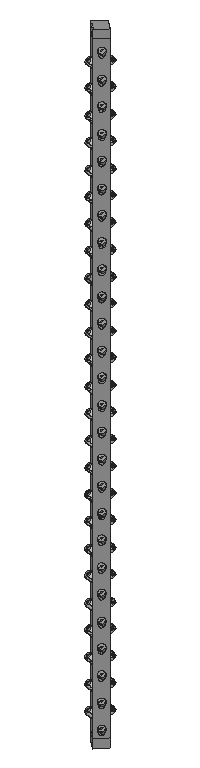
Revit family "Vertical Farm C", category Columns, Revit 2024 (continued)
Forms (in)
  Extrusion 257, solid, not visible
    sketch origin (3.62025, -0.00182, 168.16682) x (0, -1, 0) y (0.707107, 0, -0.707107)
      loop
        circle (0, 0) r 1.125
    from -0.35396 to -3
  Extrusion 258, void, not visible
    sketch origin (3.62025, -0.00182, 168.16682) x (0, -1, 0) y (0.707107, 0, -0.707107)
      loop
        circle (0, 0) r 1.125
      loop
        circle (0, 0) r 1.09375
    from -0.35396 to -3
  Extrusion 259, solid, material "vert garm", not visible
    sketch origin (3.62025, -0.00182, 176.91682) x (0, -1, 0) y (0.707107, 0, -0.707107)
      loop
        circle (0, 0) r 0.3125
      loop
        circle (0, 0) r 1
    from 0 to -3
  Extrusion 260, solid, not visible
    sketch origin (3.62025, -0.00182, 176.91682) x (0, -1, 0) y (0.707107, 0, -0.707107)
      loop
        circle (0, 0) r 1
      loop
        circle (0, 0) r 1.125
    from -0.35396 to -3
  Extrusion 261, void, not visible
    sketch origin (3.62025, -0.00182, 176.91682) x (0, -1, 0) y (0.707107, 0, -0.707107)
      loop
        circle (0, 0) r 1.125
      loop
        circle (0, 0) r 1.09375
    from -0.35396 to -3
  Extrusion 262, solid, material "vert garm", not visible
    sketch origin (3.62025, -0.00182, 185.41682) x (0, -1, 0) y (0.707107, 0, -0.707107)
      loop
        circle (0, 0) r 0.3125
      loop
        circle (0, 0) r 1
    from 0 to -3
  Extrusion 263, solid, not visible
    sketch origin (3.62025, -0.00182, 185.41682) x (0, -1, 0) y (0.707107, 0, -0.707107)
      loop
        circle (0, 0) r 1
      loop
        circle (0, 0) r 1.125
    from -0.35396 to -3
  Extrusion 264, void, not visible
    sketch origin (3.62025, -0.00182, 185.41682) x (0, -1, 0) y (0.707107, 0, -0.707107)
      loop
        circle (0, 0) r 1.125
      loop
        circle (0, 0) r 1.09375
    from -0.35396 to -3
  Extrusion 265, solid, material "vert garm", not visible
    sketch origin (3.62025, -0.00182, 194.41682) x (0, -1, 0) y (0.707107, 0, -0.707107)
      loop
        circle (0, 0) r 0.3125
      loop
        circle (0, 0) r 1
    from 0 to -3
  Extrusion 266, solid, not visible
    sketch origin (3.62025, -0.00182, 194.41682) x (0, -1, 0) y (0.707107, 0, -0.707107)
      loop
        circle (0, 0) r 1
      loop
        circle (0, 0) r 1.125
    from -0.35396 to -3
  Extrusion 267, void, not visible
    sketch origin (3.62025, -0.00182, 194.41682) x (0, -1, 0) y (0.707107, 0, -0.707107)
      loop
        circle (0, 0) r 1.125
      loop
        circle (0, 0) r 1.09375
    from -0.35396 to -3
  Extrusion 268, solid, material "vert garm", not visible
    sketch origin (3.62025, -0.00182, 211.91682) x (0, -1, 0) y (0.707107, 0, -0.707107)
      loop
        circle (0, 0) r 0.3125
      loop
        circle (0, 0) r 1
    from 0 to -3
  Extrusion 269, solid, not visible
    sketch origin (3.62025, -0.00182, 211.91682) x (0, -1, 0) y (0.707107, 0, -0.707107)
      loop
        circle (0, 0) r 1
      loop
        circle (0, 0) r 1.125
    from -0.35396 to -3
  Extrusion 270, void, not visible
    sketch origin (3.62025, -0.00182, 211.91682) x (0, -1, 0) y (0.707107, 0, -0.707107)
      loop
        circle (0, 0) r 1.125
      loop
        circle (0, 0) r 1.09375
    from -0.35396 to -3
  Extrusion 271, solid, material "vert garm", not visible
    sketch origin (3.62025, -0.00182, 202.91682) x (0, -1, 0) y (0.707107, 0, -0.707107)
      loop
        circle (0, 0) r 0.3125
      loop
        circle (0, 0) r 1
    from 0 to -3
  Extrusion 272, solid, not visible
    sketch origin (3.62025, -0.00182, 202.91682) x (0, -1, 0) y (0.707107, 0, -0.707107)
      loop
        circle (0, 0) r 1
      loop
        circle (0, 0) r 1.125
    from -0.35396 to -3
  Extrusion 273, void, not visible
    sketch origin (3.62025, -0.00182, 202.91682) x (0, -1, 0) y (0.707107, 0, -0.707107)
      loop
        circle (0, 0) r 1.125
      loop
        circle (0, 0) r 1.09375
    from -0.35396 to -3
  Extrusion 274, solid, material "vert garm", not visible
    sketch origin (3.62025, -0.00182, 220.41682) x (0, -1, 0) y (0.707107, 0, -0.707107)
      loop
        circle (0, 0) r 0.3125
      loop
        circle (0, 0) r 1
    from 0 to -3
  Extrusion 275, solid, not visible
    sketch origin (3.62025, -0.00182, 220.41682) x (0, -1, 0) y (0.707107, 0, -0.707107)
      loop
        circle (0, 0) r 1
      loop
        circle (0, 0) r 1.125
    from -0.35396 to -3
  Extrusion 276, void, not visible
    sketch origin (3.62025, -0.00182, 220.41682) x (0, -1, 0) y (0.707107, 0, -0.707107)
      loop
        circle (0, 0) r 1.125
      loop
        circle (0, 0) r 1.09375
    from -0.35396 to -3
  Extrusion 277, solid, material "vert garm", not visible
    sketch origin (-3.50675, -0.11167, 150.67659) x (0, 1, 0) y (-0.707107, 0, -0.707107)
      loop
        circle (0, 0) r 0.3125
      loop
        circle (0, 0) r 1
    from 0 to -3
  Extrusion 278, solid, material "vert garm", not visible
    sketch origin (-3.50675, -0.11167, 150.67659) x (0, 1, 0) y (-0.707107, 0, -0.707107)
      loop
        circle (0, 0) r 1
      loop
        circle (0, 0) r 1.125
    from -0.35396 to -3
  Extrusion 279, void, not visible
    sketch origin (-3.50675, -0.11167, 150.67659) x (0, 1, 0) y (-0.707107, 0, -0.707107)
      loop
        circle (0, 0) r 1.125
      loop
        circle (0, 0) r 1.09375
    from -0.35396 to -3
  Extrusion 280, solid, material "vert garm", not visible
    sketch origin (-3.50675, -0.11167, 159.41682) x (0, 1, 0) y (-0.707107, 0, -0.707107)
      loop
        circle (0, 0) r 0.3125
      loop
        circle (0, 0) r 1
    from 0 to -3
  Extrusion 281, solid, not visible
    sketch origin (-3.50675, -0.11167, 159.41682) x (0, 1, 0) y (-0.707107, 0, -0.707107)
      loop
        circle (0, 0) r 1
      loop
        circle (0, 0) r 1.125
    from -0.35396 to -3
  Extrusion 282, void, not visible
    sketch origin (-3.50675, -0.11167, 159.41682) x (0, 1, 0) y (-0.707107, 0, -0.707107)
      loop
        circle (0, 0) r 1.125
      loop
        circle (0, 0) r 1.09375
    from -0.35396 to -3
  Extrusion 283, solid, material "vert garm", not visible
    sketch origin (-3.50675, -0.11167, 168.16682) x (0, 1, 0) y (-0.707107, 0, -0.707107)
      loop
        circle (0, 0) r 0.3125
      loop
        circle (0, 0) r 1
    from 0 to -3
  Extrusion 284, solid, not visible
    sketch origin (-3.50675, -0.11167, 168.16682) x (0, 1, 0) y (-0.707107, 0, -0.707107)
      loop
        circle (0, 0) r 1
      loop
        circle (0, 0) r 1.125
    from -0.35396 to -3
  Extrusion 285, void, not visible
    sketch origin (-3.50675, -0.11167, 168.16682) x (0, 1, 0) y (-0.707107, 0, -0.707107)
      loop
        circle (0, 0) r 1.125
      loop
        circle (0, 0) r 1.09375
    from -0.35396 to -3
  Extrusion 286, solid, material "vert garm", not visible
    sketch origin (-3.50675, -0.11167, 176.91682) x (0, 1, 0) y (-0.707107, 0, -0.707107)
      loop
        circle (0, 0) r 0.3125
      loop
        circle (0, 0) r 1
    from 0 to -3
  Extrusion 287, solid, not visible
    sketch origin (-3.50675, -0.11167, 176.91682) x (0, 1, 0) y (-0.707107, 0, -0.707107)
      loop
        circle (0, 0) r 1
      loop
        circle (0, 0) r 1.125
    from -0.35396 to -3
  Extrusion 288, void, not visible
    sketch origin (-3.50675, -0.11167, 176.91682) x (0, 1, 0) y (-0.707107, 0, -0.707107)
      loop
        circle (0, 0) r 1.125
      loop
        circle (0, 0) r 1.09375
    from -0.35396 to -3
  Extrusion 289, solid, material "vert garm", not visible
    sketch origin (-3.50675, -0.11167, 185.41682) x (0, 1, 0) y (-0.707107, 0, -0.707107)
      loop
        circle (0, 0) r 0.3125
      loop
        circle (0, 0) r 1
    from 0 to -3
  Extrusion 290, solid, not visible
    sketch origin (-3.50675, -0.11167, 185.41682) x (0, 1, 0) y (-0.707107, 0, -0.707107)
      loop
        circle (0, 0) r 1
      loop
        circle (0, 0) r 1.125
    from -0.35396 to -3
  Extrusion 291, void, not visible
    sketch origin (-3.50675, -0.11167, 185.41682) x (0, 1, 0) y (-0.707107, 0, -0.707107)
      loop
        circle (0, 0) r 1.125
      loop
        circle (0, 0) r 1.09375
    from -0.35396 to -3
  Extrusion 292, solid, material "vert garm", not visible
    sketch origin (-3.50675, -0.11167, 194.41682) x (0, 1, 0) y (-0.707107, 0, -0.707107)
      loop
        circle (0, 0) r 0.3125
      loop
        circle (0, 0) r 1
    from 0 to -3
  Extrusion 293, solid, not visible
    sketch origin (-3.50675, -0.11167, 194.41682) x (0, 1, 0) y (-0.707107, 0, -0.707107)
      loop
        circle (0, 0) r 1
      loop
        circle (0, 0) r 1.125
    from -0.35396 to -3
  Extrusion 294, void, not visible
    sketch origin (-3.50675, -0.11167, 194.41682) x (0, 1, 0) y (-0.707107, 0, -0.707107)
      loop
        circle (0, 0) r 1.125
      loop
        circle (0, 0) r 1.09375
    from -0.35396 to -3
  Extrusion 295, solid, material "vert garm", not visible
    sketch origin (-3.50675, -0.11167, 211.91682) x (0, 1, 0) y (-0.707107, 0, -0.707107)
      loop
        circle (0, 0) r 0.3125
      loop
        circle (0, 0) r 1
    from 0 to -3
  Extrusion 296, solid, not visible
    sketch origin (-3.50675, -0.11167, 211.91682) x (0, 1, 0) y (-0.707107, 0, -0.707107)
      loop
        circle (0, 0) r 1
      loop
        circle (0, 0) r 1.125
    from -0.35396 to -3
  Extrusion 297, void, not visible
    sketch origin (-3.50675, -0.11167, 211.91682) x (0, 1, 0) y (-0.707107, 0, -0.707107)
      loop
        circle (0, 0) r 1.125
      loop
        circle (0, 0) r 1.09375
    from -0.35396 to -3
  Extrusion 298, solid, material "vert garm", not visible
    sketch origin (-3.50675, -0.11167, 202.91682) x (0, 1, 0) y (-0.707107, 0, -0.707107)
      loop
        circle (0, 0) r 0.3125
      loop
        circle (0, 0) r 1
    from 0 to -3
  Extrusion 299, solid, not visible
    sketch origin (-3.50675, -0.11167, 202.91682) x (0, 1, 0) y (-0.707107, 0, -0.707107)
      loop
        circle (0, 0) r 1
      loop
        circle (0, 0) r 1.125
    from -0.35396 to -3
  Extrusion 300, void, not visible
    sketch origin (-3.50675, -0.11167, 202.91682) x (0, 1, 0) y (-0.707107, 0, -0.707107)
      loop
        circle (0, 0) r 1.125
      loop
        circle (0, 0) r 1.09375
    from -0.35396 to -3
  Extrusion 301, solid, material "vert garm", not visible
    sketch origin (-3.50675, -0.11167, 220.41682) x (0, 1, 0) y (-0.707107, 0, -0.707107)
      loop
        circle (0, 0) r 0.3125
      loop
        circle (0, 0) r 1
    from 0 to -3
  Extrusion 302, solid, not visible
    sketch origin (-3.50675, -0.11167, 220.41682) x (0, 1, 0) y (-0.707107, 0, -0.707107)
      loop
        circle (0, 0) r 1
      loop
        circle (0, 0) r 1.125
    from -0.35396 to -3
  Extrusion 303, void, not visible
    sketch origin (-3.50675, -0.11167, 220.41682) x (0, 1, 0) y (-0.707107, 0, -0.707107)
      loop
        circle (0, 0) r 1.125
      loop
        circle (0, 0) r 1.09375
    from -0.35396 to -3
  Extrusion 304, solid, material "vert garm", not visible
    sketch origin (0.11167, -3.62025, 146.17659) x (-1, 0, 0) y (0, -0.707107, -0.707107)
      loop
        circle (0, 0) r 0.3125
      loop
        circle (0, 0) r 1
    from 0 to -3
  Extrusion 305, solid, material "vert garm", not visible
    sketch origin (0.11167, -3.62025, 146.17659) x (-1, 0, 0) y (0, -0.707107, -0.707107)
      loop
        circle (0, 0) r 1
      loop
        circle (0, 0) r 1.125
    from -0.35396 to -3
  Extrusion 306, void, not visible
    sketch origin (0.11167, -3.62025, 146.17659) x (-1, 0, 0) y (0, -0.707107, -0.707107)
      loop
        circle (0, 0) r 1.125
      loop
        circle (0, 0) r 1.09375
    from -0.35396 to -3
  Extrusion 307, solid, material "vert garm", not visible
    sketch origin (0.11167, -3.62025, 154.91682) x (-1, 0, 0) y (0, -0.707107, -0.707107)
      loop
        circle (0, 0) r 0.3125
      loop
        circle (0, 0) r 1
    from 0 to -3
  Extrusion 308, solid, not visible
    sketch origin (0.11167, -3.62025, 154.91682) x (-1, 0, 0) y (0, -0.707107, -0.707107)
      loop
        circle (0, 0) r 1
      loop
        circle (0, 0) r 1.125
    from -0.35396 to -3
  Extrusion 309, void, not visible
    sketch origin (0.11167, -3.62025, 154.91682) x (-1, 0, 0) y (0, -0.707107, -0.707107)
      loop
        circle (0, 0) r 1.125
      loop
        circle (0, 0) r 1.09375
    from -0.35396 to -3
  Extrusion 310, solid, material "vert garm", not visible
    sketch origin (0.11167, -3.62025, 163.66682) x (-1, 0, 0) y (0, -0.707107, -0.707107)
      loop
        circle (0, 0) r 0.3125
      loop
        circle (0, 0) r 1
    from 0 to -3
  Extrusion 311, solid, not visible
    sketch origin (0.11167, -3.62025, 163.66682) x (-1, 0, 0) y (0, -0.707107, -0.707107)
      loop
        circle (0, 0) r 1
      loop
        circle (0, 0) r 1.125
    from -0.35396 to -3
  Extrusion 312, void, not visible
    sketch origin (0.11167, -3.62025, 163.66682) x (-1, 0, 0) y (0, -0.707107, -0.707107)
      loop
        circle (0, 0) r 1.125
      loop
        circle (0, 0) r 1.09375
    from -0.35396 to -3
  Extrusion 313, solid, material "vert garm", not visible
    sketch origin (0.11167, -3.62025, 172.41682) x (-1, 0, 0) y (0, -0.707107, -0.707107)
      loop
        circle (0, 0) r 0.3125
      loop
        circle (0, 0) r 1
    from 0 to -3
  Extrusion 314, solid, not visible
    sketch origin (0.11167, -3.62025, 172.41682) x (-1, 0, 0) y (0, -0.707107, -0.707107)
      loop
        circle (0, 0) r 1
      loop
        circle (0, 0) r 1.125
    from -0.35396 to -3
  Extrusion 315, void, not visible
    sketch origin (0.11167, -3.62025, 172.41682) x (-1, 0, 0) y (0, -0.707107, -0.707107)
      loop
        circle (0, 0) r 1.125
      loop
        circle (0, 0) r 1.09375
    from -0.35396 to -3
  Extrusion 316, solid, material "vert garm", not visible
    sketch origin (0.11167, -3.62025, 180.91682) x (-1, 0, 0) y (0, -0.707107, -0.707107)
      loop
        circle (0, 0) r 0.3125
      loop
        circle (0, 0) r 1
    from 0 to -3
  Extrusion 317, solid, not visible
    sketch origin (0.11167, -3.62025, 180.91682) x (-1, 0, 0) y (0, -0.707107, -0.707107)
      loop
        circle (0, 0) r 1
      loop
        circle (0, 0) r 1.125
    from -0.35396 to -3
  Extrusion 318, void, not visible
    sketch origin (0.11167, -3.62025, 180.91682) x (-1, 0, 0) y (0, -0.707107, -0.707107)
      loop
        circle (0, 0) r 1.125
      loop
        circle (0, 0) r 1.09375
    from -0.35396 to -3
  Extrusion 319, solid, material "vert garm", not visible
    sketch origin (0.11167, -3.62025, 189.91682) x (-1, 0, 0) y (0, -0.707107, -0.707107)
      loop
        circle (0, 0) r 0.3125
      loop
        circle (0, 0) r 1
    from 0 to -3
  Extrusion 320, solid, not visible
    sketch origin (0.11167, -3.62025, 189.91682) x (-1, 0, 0) y (0, -0.707107, -0.707107)
      loop
        circle (0, 0) r 1
      loop
        circle (0, 0) r 1.125
    from -0.35396 to -3
  Extrusion 321, void, not visible
    sketch origin (0.11167, -3.62025, 189.91682) x (-1, 0, 0) y (0, -0.707107, -0.707107)
      loop
        circle (0, 0) r 1.125
      loop
        circle (0, 0) r 1.09375
    from -0.35396 to -3
  Extrusion 322, solid, material "vert garm", not visible
    sketch origin (0.11167, -3.62025, 207.41682) x (-1, 0, 0) y (0, -0.707107, -0.707107)
      loop
        circle (0, 0) r 0.3125
      loop
        circle (0, 0) r 1
    from 0 to -3
  Extrusion 323, solid, not visible
    sketch origin (0.11167, -3.62025, 207.41682) x (-1, 0, 0) y (0, -0.707107, -0.707107)
      loop
        circle (0, 0) r 1
      loop
        circle (0, 0) r 1.125
    from -0.35396 to -3
  Extrusion 324, void, not visible
    sketch origin (0.11167, -3.62025, 207.41682) x (-1, 0, 0) y (0, -0.707107, -0.707107)
      loop
        circle (0, 0) r 1.125
      loop
        circle (0, 0) r 1.09375
    from -0.35396 to -3
  Extrusion 325, solid, material "vert garm", not visible
    sketch origin (0.11167, -3.62025, 198.41682) x (-1, 0, 0) y (0, -0.707107, -0.707107)
      loop
        circle (0, 0) r 0.3125
      loop
        circle (0, 0) r 1
    from 0 to -3
  Extrusion 326, solid, not visible
    sketch origin (0.11167, -3.62025, 198.41682) x (-1, 0, 0) y (0, -0.707107, -0.707107)
      loop
        circle (0, 0) r 1
      loop
        circle (0, 0) r 1.125
    from -0.35396 to -3
  Extrusion 327, void, not visible
    sketch origin (0.11167, -3.62025, 198.41682) x (-1, 0, 0) y (0, -0.707107, -0.707107)
      loop
        circle (0, 0) r 1.125
      loop
        circle (0, 0) r 1.09375
    from -0.35396 to -3
  Extrusion 328, solid, material "vert garm", not visible
    sketch origin (0.11167, -3.62025, 215.91682) x (-1, 0, 0) y (0, -0.707107, -0.707107)
      loop
        circle (0, 0) r 0.3125
      loop
        circle (0, 0) r 1
    from 0 to -3
  Extrusion 329, solid, not visible
    sketch origin (0.11167, -3.62025, 215.91682) x (-1, 0, 0) y (0, -0.707107, -0.707107)
      loop
        circle (0, 0) r 1
      loop
        circle (0, 0) r 1.125
    from -0.35396 to -3
  Extrusion 330, void, not visible
    sketch origin (0.11167, -3.62025, 215.91682) x (-1, 0, 0) y (0, -0.707107, -0.707107)
      loop
        circle (0, 0) r 1.125
      loop
        circle (0, 0) r 1.09375
    from -0.35396 to -3
  Extrusion 331, solid, material "vert garm", not visible
    sketch origin (0.00182, 3.50675, 146.17659) x (1, 0, 0) y (0, 0.707107, -0.707107)
      loop
        circle (0, 0) r 0.3125
      loop
        circle (0, 0) r 1
    from 0 to -3
  Extrusion 332, solid, material "vert garm", not visible
    sketch origin (0.00182, 3.50675, 146.17659) x (1, 0, 0) y (0, 0.707107, -0.707107)
      loop
        circle (0, 0) r 1
      loop
        circle (0, 0) r 1.125
    from -0.35396 to -3
  Extrusion 333, void, not visible
    sketch origin (0.00182, 3.50675, 146.17659) x (1, 0, 0) y (0, 0.707107, -0.707107)
      loop
        circle (0, 0) r 1.125
      loop
        circle (0, 0) r 1.09375
    from -0.35396 to -3
  Extrusion 334, solid, material "vert garm", not visible
    sketch origin (0.00182, 3.50675, 154.91682) x (1, 0, 0) y (0, 0.707107, -0.707107)
      loop
        circle (0, 0) r 0.3125
      loop
        circle (0, 0) r 1
    from 0 to -3
  Extrusion 335, solid, not visible
    sketch origin (0.00182, 3.50675, 154.91682) x (1, 0, 0) y (0, 0.707107, -0.707107)
      loop
        circle (0, 0) r 1
      loop
        circle (0, 0) r 1.125
    from -0.35396 to -3
  Extrusion 336, void, not visible
    sketch origin (0.00182, 3.50675, 154.91682) x (1, 0, 0) y (0, 0.707107, -0.707107)
      loop
        circle (0, 0) r 1.125
      loop
        circle (0, 0) r 1.09375
    from -0.35396 to -3
  Extrusion 337, solid, material "vert garm", not visible
    sketch origin (0.00182, 3.50675, 163.66682) x (1, 0, 0) y (0, 0.707107, -0.707107)
      loop
        circle (0, 0) r 0.3125
      loop
        circle (0, 0) r 1
    from 0 to -3
  Extrusion 338, solid, not visible
    sketch origin (0.00182, 3.50675, 163.66682) x (1, 0, 0) y (0, 0.707107, -0.707107)
      loop
        circle (0, 0) r 1
      loop
        circle (0, 0) r 1.125
    from -0.35396 to -3
  Extrusion 339, void, not visible
    sketch origin (0.00182, 3.50675, 163.66682) x (1, 0, 0) y (0, 0.707107, -0.707107)
      loop
        circle (0, 0) r 1.125
      loop
        circle (0, 0) r 1.09375
    from -0.35396 to -3
  Extrusion 340, solid, material "vert garm", not visible
    sketch origin (0.00182, 3.50675, 172.41682) x (1, 0, 0) y (0, 0.707107, -0.707107)
      loop
        circle (0, 0) r 0.3125
      loop
        circle (0, 0) r 1
    from 0 to -3
  Extrusion 341, solid, not visible
    sketch origin (0.00182, 3.50675, 172.41682) x (1, 0, 0) y (0, 0.707107, -0.707107)
      loop
        circle (0, 0) r 1
      loop
        circle (0, 0) r 1.125
    from -0.35396 to -3
  Extrusion 342, void, not visible
    sketch origin (0.00182, 3.50675, 172.41682) x (1, 0, 0) y (0, 0.707107, -0.707107)
      loop
        circle (0, 0) r 1.125
      loop
        circle (0, 0) r 1.09375
    from -0.35396 to -3
  Extrusion 343, solid, material "vert garm", not visible
    sketch origin (0.00182, 3.50675, 180.91682) x (1, 0, 0) y (0, 0.707107, -0.707107)
      loop
        circle (0, 0) r 0.3125
      loop
        circle (0, 0) r 1
    from 0 to -3
  Extrusion 344, solid, not visible
    sketch origin (0.00182, 3.50675, 180.91682) x (1, 0, 0) y (0, 0.707107, -0.707107)
      loop
        circle (0, 0) r 1
      loop
        circle (0, 0) r 1.125
    from -0.35396 to -3
  Extrusion 345, void, not visible
    sketch origin (0.00182, 3.50675, 180.91682) x (1, 0, 0) y (0, 0.707107, -0.707107)
      loop
        circle (0, 0) r 1.125
      loop
        circle (0, 0) r 1.09375
    from -0.35396 to -3
  Extrusion 346, solid, material "vert garm", not visible
    sketch origin (0.00182, 3.50675, 189.91682) x (1, 0, 0) y (0, 0.707107, -0.707107)
      loop
        circle (0, 0) r 0.3125
      loop
        circle (0, 0) r 1
    from 0 to -3
  Extrusion 347, solid, not visible
    sketch origin (0.00182, 3.50675, 189.91682) x (1, 0, 0) y (0, 0.707107, -0.707107)
      loop
        circle (0, 0) r 1
      loop
        circle (0, 0) r 1.125
    from -0.35396 to -3
  Extrusion 348, void, not visible
    sketch origin (0.00182, 3.50675, 189.91682) x (1, 0, 0) y (0, 0.707107, -0.707107)
      loop
        circle (0, 0) r 1.125
      loop
        circle (0, 0) r 1.09375
    from -0.35396 to -3
  Extrusion 349, solid, material "vert garm", not visible
    sketch origin (0.00182, 3.50675, 207.41682) x (1, 0, 0) y (0, 0.707107, -0.707107)
      loop
        circle (0, 0) r 0.3125
      loop
        circle (0, 0) r 1
    from 0 to -3
  Extrusion 350, solid, not visible
    sketch origin (0.00182, 3.50675, 207.41682) x (1, 0, 0) y (0, 0.707107, -0.707107)
      loop
        circle (0, 0) r 1
      loop
        circle (0, 0) r 1.125
    from -0.35396 to -3
  Extrusion 351, void, not visible
    sketch origin (0.00182, 3.50675, 207.41682) x (1, 0, 0) y (0, 0.707107, -0.707107)
      loop
        circle (0, 0) r 1.125
      loop
        circle (0, 0) r 1.09375
    from -0.35396 to -3
  Extrusion 352, solid, material "vert garm", not visible
    sketch origin (0.00182, 3.50675, 198.41682) x (1, 0, 0) y (0, 0.707107, -0.707107)
      loop
        circle (0, 0) r 0.3125
      loop
        circle (0, 0) r 1
    from 0 to -3
  Extrusion 353, solid, not visible
    sketch origin (0.00182, 3.50675, 198.41682) x (1, 0, 0) y (0, 0.707107, -0.707107)
      loop
        circle (0, 0) r 1
      loop
        circle (0, 0) r 1.125
    from -0.35396 to -3
  Extrusion 354, void, not visible
    sketch origin (0.00182, 3.50675, 198.41682) x (1, 0, 0) y (0, 0.707107, -0.707107)
      loop
        circle (0, 0) r 1.125
      loop
        circle (0, 0) r 1.09375
    from -0.35396 to -3
  Extrusion 355, solid, material "vert garm", not visible
    sketch origin (0.00182, 3.50675, 215.91682) x (1, 0, 0) y (0, 0.707107, -0.707107)
      loop
        circle (0, 0) r 0.3125
      loop
        circle (0, 0) r 1
    from 0 to -3
  Extrusion 356, solid, not visible
    sketch origin (0.00182, 3.50675, 215.91682) x (1, 0, 0) y (0, 0.707107, -0.707107)
      loop
        circle (0, 0) r 1
      loop
        circle (0, 0) r 1.125
    from -0.35396 to -3
  Extrusion 357, void, not visible
    sketch origin (0.00182, 3.50675, 215.91682) x (1, 0, 0) y (0, 0.707107, -0.707107)
      loop
        circle (0, 0) r 1.125
      loop
        circle (0, 0) r 1.09375
    from -0.35396 to -3
  Extrusion 358, solid, material "vert garm", not visible
    sketch origin (-3.50675, -0.11167, 220.41682) x (0, 1, 0) y (-0.707107, 0, -0.707107)
      loop
        circle (0, 0) r 0.3125
      loop
        circle (0, 0) r 1
    from 0 to -3
  Extrusion 359, solid, not visible
    sketch origin (-3.50675, -0.11167, 220.41682) x (0, 1, 0) y (-0.707107, 0, -0.707107)
      loop
        circle (0, 0) r 1
      loop
        circle (0, 0) r 1.125
    from -0.35396 to -3
  Extrusion 360, void, not visible
    sketch origin (-3.50675, -0.11167, 220.41682) x (0, 1, 0) y (-0.707107, 0, -0.707107)
      loop
        circle (0, 0) r 1.125
      loop
        circle (0, 0) r 1.09375
    from -0.35396 to -3
  Extrusion 361, solid, material "vert garm", not visible
    sketch origin (0.11167, -3.62025, 224.91682) x (-1, 0, 0) y (0, -0.707107, -0.707107)
      loop
        circle (0, 0) r 0.3125
      loop
        circle (0, 0) r 1
    from 0 to -3
  Extrusion 362, solid, not visible
    sketch origin (0.11167, -3.62025, 224.91682) x (-1, 0, 0) y (0, -0.707107, -0.707107)
      loop
        circle (0, 0) r 1
      loop
        circle (0, 0) r 1.125
    from -0.35396 to -3
  Extrusion 363, void, not visible
    sketch origin (0.11167, -3.62025, 224.91682) x (-1, 0, 0) y (0, -0.707107, -0.707107)
      loop
        circle (0, 0) r 1.125
      loop
        circle (0, 0) r 1.09375
    from -0.35396 to -3
  Extrusion 364, solid, material "vert garm", not visible
    sketch origin (0.00182, 3.50675, 224.91682) x (1, 0, 0) y (0, 0.707107, -0.707107)
      loop
        circle (0, 0) r 0.3125
      loop
        circle (0, 0) r 1
    from 0 to -3
  Extrusion 365, solid, not visible
    sketch origin (0.00182, 3.50675, 224.91682) x (1, 0, 0) y (0, 0.707107, -0.707107)
      loop
        circle (0, 0) r 1
      loop
        circle (0, 0) r 1.125
    from -0.35396 to -3
  Extrusion 366, void, not visible
    sketch origin (0.00182, 3.50675, 224.91682) x (1, 0, 0) y (0, 0.707107, -0.707107)
      loop
        circle (0, 0) r 1.125
      loop
        circle (0, 0) r 1.09375
    from -0.35396 to -3
  Extrusion 367, solid, material "vert garm"
    sketch origin (-4.20964, -12.02837, 3) x (1, 0, 0) y (0, 1, 0)
      loop
        line (7.73342, 12) -> (4.19788, 15.53553) -> (0.66235, 12) -> (4.19788, 8.46447) -> (7.73342, 12)
    from 0 to 225.28125
  Extrusion 368, solid, material "vert garm"
    sketch origin (-4.20964, -12.02837, 0) x (1, 0, 0) y (0, 1, 0)
      loop
        line (7.73342, 12) -> (4.19788, 15.53553) -> (0.66235, 12) -> (4.19788, 8.46447) -> (7.73342, 12)
    from 0 to 3
  Extrusion 369, solid, material "vert garm"
    sketch origin (-0.01175, -0.02837, 231.28125) x (1, 0, 0) y (0, 1, 0)
      loop
        line (-3.53553, 0) -> (0, -3.53553) -> (3.53553, 0) -> (0, 3.53553) -> (-3.53553, 0)
    from -3 to 0
  Extrusion 370, solid, material "vert garm"
    sketch origin (2.46919, 2.53024, 11.17659) x (0.707107, -0.707107, 0) y (0.5, 0.5, -0.707107)
      loop
        circle (0, 0) r 0.3125
      loop
        circle (0, 0) r 1
    from 0 to -3
  Extrusion 371, solid
    sketch origin (2.46919, 2.53024, 11.17659) x (0.707107, -0.707107, 0) y (0.5, 0.5, -0.707107)
      loop
        circle (0, 0) r 1
      loop
        circle (0, 0) r 1.125
    from -0.35396 to -3
  Extrusion 372, void
    sketch origin (2.46919, 2.53024, 11.17659) x (0.707107, -0.707107, 0) y (0.5, 0.5, -0.707107)
      loop
        circle (0, 0) r 1.125
      loop
        circle (0, 0) r 1.09375
    from -0.35396 to -3
  Extrusion 373, solid, material "vert garm"
    sketch origin (2.46919, 2.53024, 19.91682) x (0.707107, -0.707107, 0) y (0.5, 0.5, -0.707107)
      loop
        circle (0, 0) r 0.3125
      loop
        circle (0, 0) r 1
    from 0 to -3
  Extrusion 374, solid
    sketch origin (2.46919, 2.53024, 19.91682) x (0.707107, -0.707107, 0) y (0.5, 0.5, -0.707107)
      loop
        circle (0, 0) r 1
      loop
        circle (0, 0) r 1.125
    from -0.35396 to -3
  Extrusion 375, void
    sketch origin (2.46919, 2.53024, 19.91682) x (0.707107, -0.707107, 0) y (0.5, 0.5, -0.707107)
      loop
        circle (0, 0) r 1.125
      loop
        circle (0, 0) r 1.09375
    from -0.35396 to -3
  Extrusion 376, solid, material "vert garm"
    sketch origin (2.46919, 2.53024, 28.66682) x (0.707107, -0.707107, 0) y (0.5, 0.5, -0.707107)
      loop
        circle (0, 0) r 0.3125
      loop
        circle (0, 0) r 1
    from 0 to -3
  Extrusion 377, solid
    sketch origin (2.46919, 2.53024, 28.66682) x (0.707107, -0.707107, 0) y (0.5, 0.5, -0.707107)
      loop
        circle (0, 0) r 1
      loop
        circle (0, 0) r 1.125
    from -0.35396 to -3
  Extrusion 378, void
    sketch origin (2.46919, 2.53024, 28.66682) x (0.707107, -0.707107, 0) y (0.5, 0.5, -0.707107)
      loop
        circle (0, 0) r 1.125
      loop
        circle (0, 0) r 1.09375
    from -0.35396 to -3
  Extrusion 379, solid, material "vert garm"
    sketch origin (2.46919, 2.53024, 37.41682) x (0.707107, -0.707107, 0) y (0.5, 0.5, -0.707107)
      loop
        circle (0, 0) r 0.3125
      loop
        circle (0, 0) r 1
    from 0 to -3
  Extrusion 380, solid
    sketch origin (2.46919, 2.53024, 37.41682) x (0.707107, -0.707107, 0) y (0.5, 0.5, -0.707107)
      loop
        circle (0, 0) r 1
      loop
        circle (0, 0) r 1.125
    from -0.35396 to -3
  Extrusion 381, void
    sketch origin (2.46919, 2.53024, 37.41682) x (0.707107, -0.707107, 0) y (0.5, 0.5, -0.707107)
      loop
        circle (0, 0) r 1.125
      loop
        circle (0, 0) r 1.09375
    from -0.35396 to -3
  Extrusion 382, solid, material "vert garm"
    sketch origin (2.46919, 2.53024, 45.91682) x (0.707107, -0.707107, 0) y (0.5, 0.5, -0.707107)
      loop
        circle (0, 0) r 0.3125
      loop
        circle (0, 0) r 1
    from 0 to -3
  Extrusion 383, solid
    sketch origin (2.46919, 2.53024, 45.91682) x (0.707107, -0.707107, 0) y (0.5, 0.5, -0.707107)
      loop
        circle (0, 0) r 1
      loop
        circle (0, 0) r 1.125
    from -0.35396 to -3
  Extrusion 384, void
    sketch origin (2.46919, 2.53024, 45.91682) x (0.707107, -0.707107, 0) y (0.5, 0.5, -0.707107)
      loop
        circle (0, 0) r 1.125
      loop
        circle (0, 0) r 1.09375
    from -0.35396 to -3
  Extrusion 385, solid, material "vert garm"
    sketch origin (2.46919, 2.53024, 54.91682) x (0.707107, -0.707107, 0) y (0.5, 0.5, -0.707107)
      loop
        circle (0, 0) r 0.3125
      loop
        circle (0, 0) r 1
    from 0 to -3
  Extrusion 386, solid
    sketch origin (2.46919, 2.53024, 54.91682) x (0.707107, -0.707107, 0) y (0.5, 0.5, -0.707107)
      loop
        circle (0, 0) r 1
      loop
        circle (0, 0) r 1.125
    from -0.35396 to -3
  Extrusion 387, void
    sketch origin (2.46919, 2.53024, 54.91682) x (0.707107, -0.707107, 0) y (0.5, 0.5, -0.707107)
      loop
        circle (0, 0) r 1.125
      loop
        circle (0, 0) r 1.09375
    from -0.35396 to -3
  Extrusion 388, solid, material "vert garm"
    sketch origin (2.46919, 2.53024, 72.41682) x (0.707107, -0.707107, 0) y (0.5, 0.5, -0.707107)
      loop
        circle (0, 0) r 0.3125
      loop
        circle (0, 0) r 1
    from 0 to -3
  Extrusion 389, solid
    sketch origin (2.46919, 2.53024, 72.41682) x (0.707107, -0.707107, 0) y (0.5, 0.5, -0.707107)
      loop
        circle (0, 0) r 1
      loop
        circle (0, 0) r 1.125
    from -0.35396 to -3
  Extrusion 390, void
    sketch origin (2.46919, 2.53024, 72.41682) x (0.707107, -0.707107, 0) y (0.5, 0.5, -0.707107)
      loop
        circle (0, 0) r 1.125
      loop
        circle (0, 0) r 1.09375
    from -0.35396 to -3
  Extrusion 391, solid, material "vert garm"
    sketch origin (2.46919, 2.53024, 63.41682) x (0.707107, -0.707107, 0) y (0.5, 0.5, -0.707107)
      loop
        circle (0, 0) r 0.3125
      loop
        circle (0, 0) r 1
    from 0 to -3
  Extrusion 392, solid
    sketch origin (2.46919, 2.53024, 63.41682) x (0.707107, -0.707107, 0) y (0.5, 0.5, -0.707107)
      loop
        circle (0, 0) r 1
      loop
        circle (0, 0) r 1.125
    from -0.35396 to -3
  Extrusion 393, void
    sketch origin (2.46919, 2.53024, 63.41682) x (0.707107, -0.707107, 0) y (0.5, 0.5, -0.707107)
      loop
        circle (0, 0) r 1.125
      loop
        circle (0, 0) r 1.09375
    from -0.35396 to -3
  Extrusion 394, solid, material "vert garm"
    sketch origin (2.46919, 2.53024, 80.91682) x (0.707107, -0.707107, 0) y (0.5, 0.5, -0.707107)
      loop
        circle (0, 0) r 0.3125
      loop
        circle (0, 0) r 1
    from 0 to -3
  Extrusion 395, solid
    sketch origin (2.46919, 2.53024, 80.91682) x (0.707107, -0.707107, 0) y (0.5, 0.5, -0.707107)
      loop
        circle (0, 0) r 1
      loop
        circle (0, 0) r 1.125
    from -0.35396 to -3
  Extrusion 396, void
    sketch origin (2.46919, 2.53024, 80.91682) x (0.707107, -0.707107, 0) y (0.5, 0.5, -0.707107)
      loop
        circle (0, 0) r 1.125
      loop
        circle (0, 0) r 1.09375
    from -0.35396 to -3
  Extrusion 397, solid, material "vert garm"
    sketch origin (-2.49269, -2.58698, 11.17659) x (-0.707107, 0.707107, 0) y (-0.5, -0.5, -0.707107)
      loop
        circle (0, 0) r 0.3125
      loop
        circle (0, 0) r 1
    from 0 to -3
  Extrusion 398, solid
    sketch origin (-2.49269, -2.58698, 11.17659) x (-0.707107, 0.707107, 0) y (-0.5, -0.5, -0.707107)
      loop
        circle (0, 0) r 1
      loop
        circle (0, 0) r 1.125
    from -0.35396 to -3
  Extrusion 399, void
    sketch origin (-2.49269, -2.58698, 11.17659) x (-0.707107, 0.707107, 0) y (-0.5, -0.5, -0.707107)
      loop
        circle (0, 0) r 1.125
      loop
        circle (0, 0) r 1.09375
    from -0.35396 to -3
  Extrusion 400, solid, material "vert garm"
    sketch origin (-2.49269, -2.58698, 19.91682) x (-0.707107, 0.707107, 0) y (-0.5, -0.5, -0.707107)
      loop
        circle (0, 0) r 0.3125
      loop
        circle (0, 0) r 1
    from 0 to -3
  Extrusion 401, solid
    sketch origin (-2.49269, -2.58698, 19.91682) x (-0.707107, 0.707107, 0) y (-0.5, -0.5, -0.707107)
      loop
        circle (0, 0) r 1
      loop
        circle (0, 0) r 1.125
    from -0.35396 to -3
  Extrusion 402, void
    sketch origin (-2.49269, -2.58698, 19.91682) x (-0.707107, 0.707107, 0) y (-0.5, -0.5, -0.707107)
      loop
        circle (0, 0) r 1.125
      loop
        circle (0, 0) r 1.09375
    from -0.35396 to -3
  Extrusion 403, solid, material "vert garm"
    sketch origin (-2.49269, -2.58698, 28.66682) x (-0.707107, 0.707107, 0) y (-0.5, -0.5, -0.707107)
      loop
        circle (0, 0) r 0.3125
      loop
        circle (0, 0) r 1
    from 0 to -3
  Extrusion 404, solid
    sketch origin (-2.49269, -2.58698, 28.66682) x (-0.707107, 0.707107, 0) y (-0.5, -0.5, -0.707107)
      loop
        circle (0, 0) r 1
      loop
        circle (0, 0) r 1.125
    from -0.35396 to -3
  Extrusion 405, void
    sketch origin (-2.49269, -2.58698, 28.66682) x (-0.707107, 0.707107, 0) y (-0.5, -0.5, -0.707107)
      loop
        circle (0, 0) r 1.125
      loop
        circle (0, 0) r 1.09375
    from -0.35396 to -3
  Extrusion 406, solid, material "vert garm"
    sketch origin (-2.49269, -2.58698, 37.41682) x (-0.707107, 0.707107, 0) y (-0.5, -0.5, -0.707107)
      loop
        circle (0, 0) r 0.3125
      loop
        circle (0, 0) r 1
    from 0 to -3
  Extrusion 407, solid
    sketch origin (-2.49269, -2.58698, 37.41682) x (-0.707107, 0.707107, 0) y (-0.5, -0.5, -0.707107)
      loop
        circle (0, 0) r 1
      loop
        circle (0, 0) r 1.125
    from -0.35396 to -3
  Extrusion 408, void
    sketch origin (-2.49269, -2.58698, 37.41682) x (-0.707107, 0.707107, 0) y (-0.5, -0.5, -0.707107)
      loop
        circle (0, 0) r 1.125
      loop
        circle (0, 0) r 1.09375
    from -0.35396 to -3
  Extrusion 409, solid, material "vert garm"
    sketch origin (-2.49269, -2.58698, 45.91682) x (-0.707107, 0.707107, 0) y (-0.5, -0.5, -0.707107)
      loop
        circle (0, 0) r 0.3125
      loop
        circle (0, 0) r 1
    from 0 to -3
  Extrusion 410, solid
    sketch origin (-2.49269, -2.58698, 45.91682) x (-0.707107, 0.707107, 0) y (-0.5, -0.5, -0.707107)
      loop
        circle (0, 0) r 1
      loop
        circle (0, 0) r 1.125
    from -0.35396 to -3
  Extrusion 411, void
    sketch origin (-2.49269, -2.58698, 45.91682) x (-0.707107, 0.707107, 0) y (-0.5, -0.5, -0.707107)
      loop
        circle (0, 0) r 1.125
      loop
        circle (0, 0) r 1.09375
    from -0.35396 to -3
  Extrusion 412, solid, material "vert garm"
    sketch origin (-2.49269, -2.58698, 54.91682) x (-0.707107, 0.707107, 0) y (-0.5, -0.5, -0.707107)
      loop
        circle (0, 0) r 0.3125
      loop
        circle (0, 0) r 1
    from 0 to -3
  Extrusion 413, solid
    sketch origin (-2.49269, -2.58698, 54.91682) x (-0.707107, 0.707107, 0) y (-0.5, -0.5, -0.707107)
      loop
        circle (0, 0) r 1
      loop
        circle (0, 0) r 1.125
    from -0.35396 to -3
  Extrusion 414, void
    sketch origin (-2.49269, -2.58698, 54.91682) x (-0.707107, 0.707107, 0) y (-0.5, -0.5, -0.707107)
      loop
        circle (0, 0) r 1.125
      loop
        circle (0, 0) r 1.09375
    from -0.35396 to -3
  Extrusion 415, solid, material "vert garm"
    sketch origin (-2.49269, -2.58698, 72.41682) x (-0.707107, 0.707107, 0) y (-0.5, -0.5, -0.707107)
      loop
        circle (0, 0) r 0.3125
      loop
        circle (0, 0) r 1
    from 0 to -3
  Extrusion 416, solid
    sketch origin (-2.49269, -2.58698, 72.41682) x (-0.707107, 0.707107, 0) y (-0.5, -0.5, -0.707107)
      loop
        circle (0, 0) r 1
      loop
        circle (0, 0) r 1.125
    from -0.35396 to -3
  Extrusion 417, void
    sketch origin (-2.49269, -2.58698, 72.41682) x (-0.707107, 0.707107, 0) y (-0.5, -0.5, -0.707107)
      loop
        circle (0, 0) r 1.125
      loop
        circle (0, 0) r 1.09375
    from -0.35396 to -3
  Extrusion 418, solid, material "vert garm"
    sketch origin (-2.49269, -2.58698, 63.41682) x (-0.707107, 0.707107, 0) y (-0.5, -0.5, -0.707107)
      loop
        circle (0, 0) r 0.3125
      loop
        circle (0, 0) r 1
    from 0 to -3
  Extrusion 419, solid
    sketch origin (-2.49269, -2.58698, 63.41682) x (-0.707107, 0.707107, 0) y (-0.5, -0.5, -0.707107)
      loop
        circle (0, 0) r 1
      loop
        circle (0, 0) r 1.125
    from -0.35396 to -3
  Extrusion 420, void
    sketch origin (-2.49269, -2.58698, 63.41682) x (-0.707107, 0.707107, 0) y (-0.5, -0.5, -0.707107)
      loop
        circle (0, 0) r 1.125
      loop
        circle (0, 0) r 1.09375
    from -0.35396 to -3
  Extrusion 421, solid, material "vert garm"
    sketch origin (-2.49269, -2.58698, 80.91682) x (-0.707107, 0.707107, 0) y (-0.5, -0.5, -0.707107)
      loop
        circle (0, 0) r 0.3125
      loop
        circle (0, 0) r 1
    from 0 to -3
  Extrusion 422, solid
    sketch origin (-2.49269, -2.58698, 80.91682) x (-0.707107, 0.707107, 0) y (-0.5, -0.5, -0.707107)
      loop
        circle (0, 0) r 1
      loop
        circle (0, 0) r 1.125
    from -0.35396 to -3
  Extrusion 423, void
    sketch origin (-2.49269, -2.58698, 80.91682) x (-0.707107, 0.707107, 0) y (-0.5, -0.5, -0.707107)
      loop
        circle (0, 0) r 1.125
      loop
        circle (0, 0) r 1.09375
    from -0.35396 to -3
  Extrusion 424, solid, material "vert garm"
    sketch origin (2.54686, -2.50931, 6.67659) x (-0.707107, -0.707107, 0) y (0.5, -0.5, -0.707107)
      loop
        circle (0, 0) r 0.3125
      loop
        circle (0, 0) r 1
    from 0 to -3
  Extrusion 425, solid
    sketch origin (2.54686, -2.50931, 6.67659) x (-0.707107, -0.707107, 0) y (0.5, -0.5, -0.707107)
      loop
        circle (0, 0) r 1
      loop
        circle (0, 0) r 1.125
    from -0.35396 to -3
  Extrusion 426, void
    sketch origin (2.54686, -2.50931, 6.67659) x (-0.707107, -0.707107, 0) y (0.5, -0.5, -0.707107)
      loop
        circle (0, 0) r 1.125
      loop
        circle (0, 0) r 1.09375
    from -0.35396 to -3
  Extrusion 427, solid, material "vert garm"
    sketch origin (2.54686, -2.50931, 15.41682) x (-0.707107, -0.707107, 0) y (0.5, -0.5, -0.707107)
      loop
        circle (0, 0) r 0.3125
      loop
        circle (0, 0) r 1
    from 0 to -3
  Extrusion 428, solid
    sketch origin (2.54686, -2.50931, 15.41682) x (-0.707107, -0.707107, 0) y (0.5, -0.5, -0.707107)
      loop
        circle (0, 0) r 1
      loop
        circle (0, 0) r 1.125
    from -0.35396 to -3
  Extrusion 429, void
    sketch origin (2.54686, -2.50931, 15.41682) x (-0.707107, -0.707107, 0) y (0.5, -0.5, -0.707107)
      loop
        circle (0, 0) r 1.125
      loop
        circle (0, 0) r 1.09375
    from -0.35396 to -3
  Extrusion 430, solid, material "vert garm"
    sketch origin (2.54686, -2.50931, 24.16682) x (-0.707107, -0.707107, 0) y (0.5, -0.5, -0.707107)
      loop
        circle (0, 0) r 0.3125
      loop
        circle (0, 0) r 1
    from 0 to -3
  Extrusion 431, solid
    sketch origin (2.54686, -2.50931, 24.16682) x (-0.707107, -0.707107, 0) y (0.5, -0.5, -0.707107)
      loop
        circle (0, 0) r 1
      loop
        circle (0, 0) r 1.125
    from -0.35396 to -3
  Extrusion 432, void
    sketch origin (2.54686, -2.50931, 24.16682) x (-0.707107, -0.707107, 0) y (0.5, -0.5, -0.707107)
      loop
        circle (0, 0) r 1.125
      loop
        circle (0, 0) r 1.09375
    from -0.35396 to -3
  Extrusion 433, solid, material "vert garm"
    sketch origin (2.54686, -2.50931, 32.91682) x (-0.707107, -0.707107, 0) y (0.5, -0.5, -0.707107)
      loop
        circle (0, 0) r 0.3125
      loop
        circle (0, 0) r 1
    from 0 to -3
  Extrusion 434, solid
    sketch origin (2.54686, -2.50931, 32.91682) x (-0.707107, -0.707107, 0) y (0.5, -0.5, -0.707107)
      loop
        circle (0, 0) r 1
      loop
        circle (0, 0) r 1.125
    from -0.35396 to -3
  Extrusion 435, void
    sketch origin (2.54686, -2.50931, 32.91682) x (-0.707107, -0.707107, 0) y (0.5, -0.5, -0.707107)
      loop
        circle (0, 0) r 1.125
      loop
        circle (0, 0) r 1.09375
    from -0.35396 to -3
  Extrusion 436, solid, material "vert garm"
    sketch origin (2.54686, -2.50931, 41.41682) x (-0.707107, -0.707107, 0) y (0.5, -0.5, -0.707107)
      loop
        circle (0, 0) r 0.3125
      loop
        circle (0, 0) r 1
    from 0 to -3
  Extrusion 437, solid
    sketch origin (2.54686, -2.50931, 41.41682) x (-0.707107, -0.707107, 0) y (0.5, -0.5, -0.707107)
      loop
        circle (0, 0) r 1
      loop
        circle (0, 0) r 1.125
    from -0.35396 to -3
  Extrusion 438, void
    sketch origin (2.54686, -2.50931, 41.41682) x (-0.707107, -0.707107, 0) y (0.5, -0.5, -0.707107)
      loop
        circle (0, 0) r 1.125
      loop
        circle (0, 0) r 1.09375
    from -0.35396 to -3
  Extrusion 439, solid, material "vert garm"
    sketch origin (2.54686, -2.50931, 50.41682) x (-0.707107, -0.707107, 0) y (0.5, -0.5, -0.707107)
      loop
        circle (0, 0) r 0.3125
      loop
        circle (0, 0) r 1
    from 0 to -3
  Extrusion 440, solid
    sketch origin (2.54686, -2.50931, 50.41682) x (-0.707107, -0.707107, 0) y (0.5, -0.5, -0.707107)
      loop
        circle (0, 0) r 1
      loop
        circle (0, 0) r 1.125
    from -0.35396 to -3
  Extrusion 441, void
    sketch origin (2.54686, -2.50931, 50.41682) x (-0.707107, -0.707107, 0) y (0.5, -0.5, -0.707107)
      loop
        circle (0, 0) r 1.125
      loop
        circle (0, 0) r 1.09375
    from -0.35396 to -3
  Extrusion 442, solid, material "vert garm"
    sketch origin (2.54686, -2.50931, 67.91682) x (-0.707107, -0.707107, 0) y (0.5, -0.5, -0.707107)
      loop
        circle (0, 0) r 0.3125
      loop
        circle (0, 0) r 1
    from 0 to -3
  Extrusion 443, solid
    sketch origin (2.54686, -2.50931, 67.91682) x (-0.707107, -0.707107, 0) y (0.5, -0.5, -0.707107)
      loop
        circle (0, 0) r 1
      loop
        circle (0, 0) r 1.125
    from -0.35396 to -3
  Extrusion 444, void
    sketch origin (2.54686, -2.50931, 67.91682) x (-0.707107, -0.707107, 0) y (0.5, -0.5, -0.707107)
      loop
        circle (0, 0) r 1.125
      loop
        circle (0, 0) r 1.09375
    from -0.35396 to -3
  Extrusion 445, solid, material "vert garm"
    sketch origin (2.54686, -2.50931, 58.91682) x (-0.707107, -0.707107, 0) y (0.5, -0.5, -0.707107)
      loop
        circle (0, 0) r 0.3125
      loop
        circle (0, 0) r 1
    from 0 to -3
  Extrusion 446, solid
    sketch origin (2.54686, -2.50931, 58.91682) x (-0.707107, -0.707107, 0) y (0.5, -0.5, -0.707107)
      loop
        circle (0, 0) r 1
      loop
        circle (0, 0) r 1.125
    from -0.35396 to -3
  Extrusion 447, void
    sketch origin (2.54686, -2.50931, 58.91682) x (-0.707107, -0.707107, 0) y (0.5, -0.5, -0.707107)
      loop
        circle (0, 0) r 1.125
      loop
        circle (0, 0) r 1.09375
    from -0.35396 to -3
  Extrusion 448, solid, material "vert garm"
    sketch origin (2.54686, -2.50931, 76.41682) x (-0.707107, -0.707107, 0) y (0.5, -0.5, -0.707107)
      loop
        circle (0, 0) r 0.3125
      loop
        circle (0, 0) r 1
    from 0 to -3
  Extrusion 449, solid
    sketch origin (2.54686, -2.50931, 76.41682) x (-0.707107, -0.707107, 0) y (0.5, -0.5, -0.707107)
      loop
        circle (0, 0) r 1
      loop
        circle (0, 0) r 1.125
    from -0.35396 to -3
  Extrusion 450, void
    sketch origin (2.54686, -2.50931, 76.41682) x (-0.707107, -0.707107, 0) y (0.5, -0.5, -0.707107)
      loop
        circle (0, 0) r 1.125
      loop
        circle (0, 0) r 1.09375
    from -0.35396 to -3
  Extrusion 451, solid, material "vert garm"
    sketch origin (-2.57036, 2.45256, 6.67659) x (0.707107, 0.707107, 0) y (-0.5, 0.5, -0.707107)
      loop
        circle (0, 0) r 0.3125
      loop
        circle (0, 0) r 1
    from 0 to -3
  Extrusion 452, solid
    sketch origin (-2.57036, 2.45256, 6.67659) x (0.707107, 0.707107, 0) y (-0.5, 0.5, -0.707107)
      loop
        circle (0, 0) r 1
      loop
        circle (0, 0) r 1.125
    from -0.35396 to -3
  Extrusion 453, void
    sketch origin (-2.57036, 2.45256, 6.67659) x (0.707107, 0.707107, 0) y (-0.5, 0.5, -0.707107)
      loop
        circle (0, 0) r 1.125
      loop
        circle (0, 0) r 1.09375
    from -0.35396 to -3
  Extrusion 454, solid, material "vert garm"
    sketch origin (-2.57036, 2.45256, 15.41682) x (0.707107, 0.707107, 0) y (-0.5, 0.5, -0.707107)
      loop
        circle (0, 0) r 0.3125
      loop
        circle (0, 0) r 1
    from 0 to -3
  Extrusion 455, solid
    sketch origin (-2.57036, 2.45256, 15.41682) x (0.707107, 0.707107, 0) y (-0.5, 0.5, -0.707107)
      loop
        circle (0, 0) r 1
      loop
        circle (0, 0) r 1.125
    from -0.35396 to -3
  Extrusion 456, void
    sketch origin (-2.57036, 2.45256, 15.41682) x (0.707107, 0.707107, 0) y (-0.5, 0.5, -0.707107)
      loop
        circle (0, 0) r 1.125
      loop
        circle (0, 0) r 1.09375
    from -0.35396 to -3
  Extrusion 457, solid, material "vert garm"
    sketch origin (-2.57036, 2.45256, 24.16682) x (0.707107, 0.707107, 0) y (-0.5, 0.5, -0.707107)
      loop
        circle (0, 0) r 0.3125
      loop
        circle (0, 0) r 1
    from 0 to -3
  Extrusion 458, solid
    sketch origin (-2.57036, 2.45256, 24.16682) x (0.707107, 0.707107, 0) y (-0.5, 0.5, -0.707107)
      loop
        circle (0, 0) r 1
      loop
        circle (0, 0) r 1.125
    from -0.35396 to -3
  Extrusion 459, void
    sketch origin (-2.57036, 2.45256, 24.16682) x (0.707107, 0.707107, 0) y (-0.5, 0.5, -0.707107)
      loop
        circle (0, 0) r 1.125
      loop
        circle (0, 0) r 1.09375
    from -0.35396 to -3
  Extrusion 460, solid, material "vert garm"
    sketch origin (-2.57036, 2.45256, 32.91682) x (0.707107, 0.707107, 0) y (-0.5, 0.5, -0.707107)
      loop
        circle (0, 0) r 0.3125
      loop
        circle (0, 0) r 1
    from 0 to -3
  Extrusion 461, solid
    sketch origin (-2.57036, 2.45256, 32.91682) x (0.707107, 0.707107, 0) y (-0.5, 0.5, -0.707107)
      loop
        circle (0, 0) r 1
      loop
        circle (0, 0) r 1.125
    from -0.35396 to -3
  Extrusion 462, void
    sketch origin (-2.57036, 2.45256, 32.91682) x (0.707107, 0.707107, 0) y (-0.5, 0.5, -0.707107)
      loop
        circle (0, 0) r 1.125
      loop
        circle (0, 0) r 1.09375
    from -0.35396 to -3
  Extrusion 463, solid, material "vert garm"
    sketch origin (-2.57036, 2.45256, 41.41682) x (0.707107, 0.707107, 0) y (-0.5, 0.5, -0.707107)
      loop
        circle (0, 0) r 0.3125
      loop
        circle (0, 0) r 1
    from 0 to -3
  Extrusion 464, solid
    sketch origin (-2.57036, 2.45256, 41.41682) x (0.707107, 0.707107, 0) y (-0.5, 0.5, -0.707107)
      loop
        circle (0, 0) r 1
      loop
        circle (0, 0) r 1.125
    from -0.35396 to -3
  Extrusion 465, void
    sketch origin (-2.57036, 2.45256, 41.41682) x (0.707107, 0.707107, 0) y (-0.5, 0.5, -0.707107)
      loop
        circle (0, 0) r 1.125
      loop
        circle (0, 0) r 1.09375
    from -0.35396 to -3
  Extrusion 466, solid, material "vert garm"
    sketch origin (-2.57036, 2.45256, 50.41682) x (0.707107, 0.707107, 0) y (-0.5, 0.5, -0.707107)
      loop
        circle (0, 0) r 0.3125
      loop
        circle (0, 0) r 1
    from 0 to -3
  Extrusion 467, solid
    sketch origin (-2.57036, 2.45256, 50.41682) x (0.707107, 0.707107, 0) y (-0.5, 0.5, -0.707107)
      loop
        circle (0, 0) r 1
      loop
        circle (0, 0) r 1.125
    from -0.35396 to -3
  Extrusion 468, void
    sketch origin (-2.57036, 2.45256, 50.41682) x (0.707107, 0.707107, 0) y (-0.5, 0.5, -0.707107)
      loop
        circle (0, 0) r 1.125
      loop
        circle (0, 0) r 1.09375
    from -0.35396 to -3
  Extrusion 469, solid, material "vert garm"
    sketch origin (-2.57036, 2.45256, 67.91682) x (0.707107, 0.707107, 0) y (-0.5, 0.5, -0.707107)
      loop
        circle (0, 0) r 0.3125
      loop
        circle (0, 0) r 1
    from 0 to -3
  Extrusion 470, solid
    sketch origin (-2.57036, 2.45256, 67.91682) x (0.707107, 0.707107, 0) y (-0.5, 0.5, -0.707107)
      loop
        circle (0, 0) r 1
      loop
        circle (0, 0) r 1.125
    from -0.35396 to -3
  Extrusion 471, void
    sketch origin (-2.57036, 2.45256, 67.91682) x (0.707107, 0.707107, 0) y (-0.5, 0.5, -0.707107)
      loop
        circle (0, 0) r 1.125
      loop
        circle (0, 0) r 1.09375
    from -0.35396 to -3
  Extrusion 472, solid, material "vert garm"
    sketch origin (-2.57036, 2.45256, 58.91682) x (0.707107, 0.707107, 0) y (-0.5, 0.5, -0.707107)
      loop
        circle (0, 0) r 0.3125
      loop
        circle (0, 0) r 1
    from 0 to -3
  Extrusion 473, solid
    sketch origin (-2.57036, 2.45256, 58.91682) x (0.707107, 0.707107, 0) y (-0.5, 0.5, -0.707107)
      loop
        circle (0, 0) r 1
      loop
        circle (0, 0) r 1.125
    from -0.35396 to -3
  Extrusion 474, void
    sketch origin (-2.57036, 2.45256, 58.91682) x (0.707107, 0.707107, 0) y (-0.5, 0.5, -0.707107)
      loop
        circle (0, 0) r 1.125
      loop
        circle (0, 0) r 1.09375
    from -0.35396 to -3
  Extrusion 475, solid, material "vert garm"
    sketch origin (-2.57036, 2.45256, 76.41682) x (0.707107, 0.707107, 0) y (-0.5, 0.5, -0.707107)
      loop
        circle (0, 0) r 0.3125
      loop
        circle (0, 0) r 1
    from 0 to -3
  Extrusion 476, solid
    sketch origin (-2.57036, 2.45256, 76.41682) x (0.707107, 0.707107, 0) y (-0.5, 0.5, -0.707107)
      loop
        circle (0, 0) r 1
      loop
        circle (0, 0) r 1.125
    from -0.35396 to -3
  Extrusion 477, void
    sketch origin (-2.57036, 2.45256, 76.41682) x (0.707107, 0.707107, 0) y (-0.5, 0.5, -0.707107)
      loop
        circle (0, 0) r 1.125
      loop
        circle (0, 0) r 1.09375
    from -0.35396 to -3
  Extrusion 478, solid, material "vert garm"
    sketch origin (2.62711, -2.50931, 76.42659) x (-0.707107, -0.707107, 0) y (0.5, -0.5, -0.707107)
      loop
        circle (0, 0) r 0.3125
      loop
        circle (0, 0) r 1
    from 0 to -3
  Extrusion 479, solid
    sketch origin (2.62711, -2.50931, 76.42659) x (-0.707107, -0.707107, 0) y (0.5, -0.5, -0.707107)
      loop
        circle (0, 0) r 1
      loop
        circle (0, 0) r 1.125
    from -0.35396 to -3
  Extrusion 480, void
    sketch origin (2.62711, -2.50931, 76.42659) x (-0.707107, -0.707107, 0) y (0.5, -0.5, -0.707107)
      loop
        circle (0, 0) r 1.125
      loop
        circle (0, 0) r 1.09375
    from -0.35396 to -3
  Extrusion 481, solid, material "vert garm"
    sketch origin (2.62711, -2.50931, 85.16682) x (-0.707107, -0.707107, 0) y (0.5, -0.5, -0.707107)
      loop
        circle (0, 0) r 0.3125
      loop
        circle (0, 0) r 1
    from 0 to -3
  Extrusion 482, solid
    sketch origin (2.62711, -2.50931, 85.16682) x (-0.707107, -0.707107, 0) y (0.5, -0.5, -0.707107)
      loop
        circle (0, 0) r 1
      loop
        circle (0, 0) r 1.125
    from -0.35396 to -3
  Extrusion 483, void
    sketch origin (2.62711, -2.50931, 85.16682) x (-0.707107, -0.707107, 0) y (0.5, -0.5, -0.707107)
      loop
        circle (0, 0) r 1.125
      loop
        circle (0, 0) r 1.09375
    from -0.35396 to -3
  Extrusion 484, solid, material "vert garm"
    sketch origin (2.62711, -2.50931, 93.91682) x (-0.707107, -0.707107, 0) y (0.5, -0.5, -0.707107)
      loop
        circle (0, 0) r 0.3125
      loop
        circle (0, 0) r 1
    from 0 to -3
  Extrusion 485, solid
    sketch origin (2.62711, -2.50931, 93.91682) x (-0.707107, -0.707107, 0) y (0.5, -0.5, -0.707107)
      loop
        circle (0, 0) r 1
      loop
        circle (0, 0) r 1.125
    from -0.35396 to -3
  Extrusion 486, void
    sketch origin (2.62711, -2.50931, 93.91682) x (-0.707107, -0.707107, 0) y (0.5, -0.5, -0.707107)
      loop
        circle (0, 0) r 1.125
      loop
        circle (0, 0) r 1.09375
    from -0.35396 to -3
  Extrusion 487, solid, material "vert garm"
    sketch origin (2.62711, -2.50931, 102.66682) x (-0.707107, -0.707107, 0) y (0.5, -0.5, -0.707107)
      loop
        circle (0, 0) r 0.3125
      loop
        circle (0, 0) r 1
    from 0 to -3
  Extrusion 488, solid
    sketch origin (2.62711, -2.50931, 102.66682) x (-0.707107, -0.707107, 0) y (0.5, -0.5, -0.707107)
      loop
        circle (0, 0) r 1
      loop
        circle (0, 0) r 1.125
    from -0.35396 to -3
  Extrusion 489, void
    sketch origin (2.62711, -2.50931, 102.66682) x (-0.707107, -0.707107, 0) y (0.5, -0.5, -0.707107)
      loop
        circle (0, 0) r 1.125
      loop
        circle (0, 0) r 1.09375
    from -0.35396 to -3
  Extrusion 490, solid, material "vert garm"
    sketch origin (2.62711, -2.50931, 111.16682) x (-0.707107, -0.707107, 0) y (0.5, -0.5, -0.707107)
      loop
        circle (0, 0) r 0.3125
      loop
        circle (0, 0) r 1
    from 0 to -3
  Extrusion 491, solid
    sketch origin (2.62711, -2.50931, 111.16682) x (-0.707107, -0.707107, 0) y (0.5, -0.5, -0.707107)
      loop
        circle (0, 0) r 1
      loop
        circle (0, 0) r 1.125
    from -0.35396 to -3
  Extrusion 492, void
    sketch origin (2.62711, -2.50931, 111.16682) x (-0.707107, -0.707107, 0) y (0.5, -0.5, -0.707107)
      loop
        circle (0, 0) r 1.125
      loop
        circle (0, 0) r 1.09375
    from -0.35396 to -3
  Extrusion 493, solid, material "vert garm"
    sketch origin (2.62711, -2.50931, 120.16682) x (-0.707107, -0.707107, 0) y (0.5, -0.5, -0.707107)
      loop
        circle (0, 0) r 0.3125
      loop
        circle (0, 0) r 1
    from 0 to -3
  Extrusion 494, solid
    sketch origin (2.62711, -2.50931, 120.16682) x (-0.707107, -0.707107, 0) y (0.5, -0.5, -0.707107)
      loop
        circle (0, 0) r 1
      loop
        circle (0, 0) r 1.125
    from -0.35396 to -3
  Extrusion 495, void
    sketch origin (2.62711, -2.50931, 120.16682) x (-0.707107, -0.707107, 0) y (0.5, -0.5, -0.707107)
      loop
        circle (0, 0) r 1.125
      loop
        circle (0, 0) r 1.09375
    from -0.35396 to -3
  Extrusion 496, solid, material "vert garm"
    sketch origin (2.62711, -2.50931, 137.66682) x (-0.707107, -0.707107, 0) y (0.5, -0.5, -0.707107)
      loop
        circle (0, 0) r 0.3125
      loop
        circle (0, 0) r 1
    from 0 to -3
  Extrusion 497, solid
    sketch origin (2.62711, -2.50931, 137.66682) x (-0.707107, -0.707107, 0) y (0.5, -0.5, -0.707107)
      loop
        circle (0, 0) r 1
      loop
        circle (0, 0) r 1.125
    from -0.35396 to -3
  Extrusion 498, void
    sketch origin (2.62711, -2.50931, 137.66682) x (-0.707107, -0.707107, 0) y (0.5, -0.5, -0.707107)
      loop
        circle (0, 0) r 1.125
      loop
        circle (0, 0) r 1.09375
    from -0.35396 to -3
  Extrusion 499, solid, material "vert garm"
    sketch origin (2.62711, -2.50931, 128.66682) x (-0.707107, -0.707107, 0) y (0.5, -0.5, -0.707107)
      loop
        circle (0, 0) r 0.3125
      loop
        circle (0, 0) r 1
    from 0 to -3
  Extrusion 500, solid
    sketch origin (2.62711, -2.50931, 128.66682) x (-0.707107, -0.707107, 0) y (0.5, -0.5, -0.707107)
      loop
        circle (0, 0) r 1
      loop
        circle (0, 0) r 1.125
    from -0.35396 to -3
  Extrusion 501, void
    sketch origin (2.62711, -2.50931, 128.66682) x (-0.707107, -0.707107, 0) y (0.5, -0.5, -0.707107)
      loop
        circle (0, 0) r 1.125
      loop
        circle (0, 0) r 1.09375
    from -0.35396 to -3
  Extrusion 502, solid, material "vert garm"
    sketch origin (2.62711, -2.50931, 146.16682) x (-0.707107, -0.707107, 0) y (0.5, -0.5, -0.707107)
      loop
        circle (0, 0) r 0.3125
      loop
        circle (0, 0) r 1
    from 0 to -3
  Extrusion 503, solid
    sketch origin (2.62711, -2.50931, 146.16682) x (-0.707107, -0.707107, 0) y (0.5, -0.5, -0.707107)
      loop
        circle (0, 0) r 1
      loop
        circle (0, 0) r 1.125
    from -0.35396 to -3
  Extrusion 504, void
    sketch origin (2.62711, -2.50931, 146.16682) x (-0.707107, -0.707107, 0) y (0.5, -0.5, -0.707107)
      loop
        circle (0, 0) r 1.125
      loop
        circle (0, 0) r 1.09375
    from -0.35396 to -3
  Extrusion 505, solid, material "vert garm"
    sketch origin (-2.49011, 2.45256, 76.42659) x (0.707107, 0.707107, 0) y (-0.5, 0.5, -0.707107)
      loop
        circle (0, 0) r 0.3125
      loop
        circle (0, 0) r 1
    from 0 to -3
  Extrusion 506, solid
    sketch origin (-2.49011, 2.45256, 76.42659) x (0.707107, 0.707107, 0) y (-0.5, 0.5, -0.707107)
      loop
        circle (0, 0) r 1
      loop
        circle (0, 0) r 1.125
    from -0.35396 to -3
  Extrusion 507, void
    sketch origin (-2.49011, 2.45256, 76.42659) x (0.707107, 0.707107, 0) y (-0.5, 0.5, -0.707107)
      loop
        circle (0, 0) r 1.125
      loop
        circle (0, 0) r 1.09375
    from -0.35396 to -3
  Extrusion 508, solid, material "vert garm"
    sketch origin (-2.49011, 2.45256, 85.16682) x (0.707107, 0.707107, 0) y (-0.5, 0.5, -0.707107)
      loop
        circle (0, 0) r 0.3125
